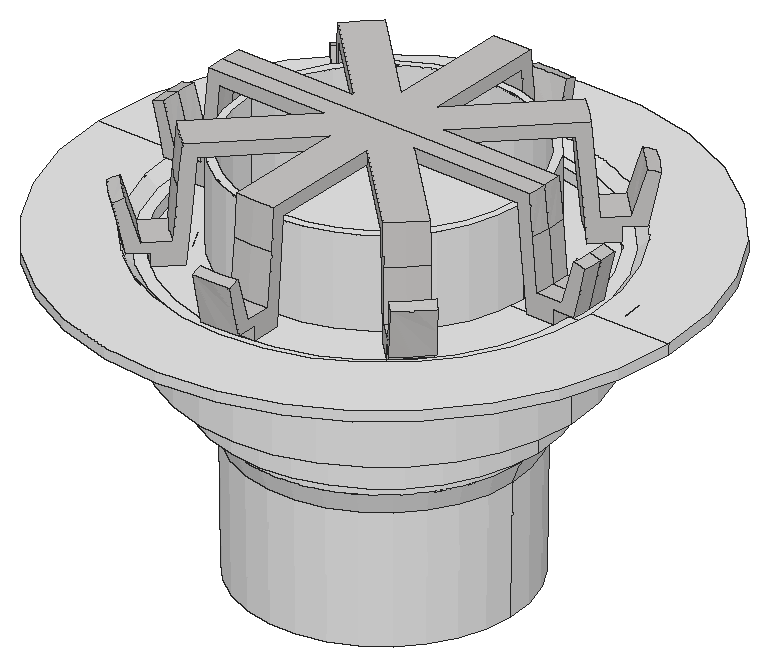
Revit family "Viking Roofspec Drain 06 M01", category Pipe Fittings, host Face, Revit 2021
Family settings
  Host = Face
  Round Connector Dimension = Use Diameter
  Part Type = Cap
  Cut with Voids When Loaded = No
  Shared = No
Parameters (values of type "Drains - Overflow - 100mm")
  URL = "www.vikingroofspec.co.nz"
  Type Comments = "Viking Roofspec 100mmØ clamped overflow drain SDM049 with 304 S/S domed grate, installed as per manufacturers instructions."
  Pipe Diameter = 100 mm
  Overall Cut Diameter = 230 mm
  Model = "SDM049"
  Material = Viking Roofspec - Plastic White
  Manufacturer = "Viking Roofspec"  # constant formula
  Grate Material = Viking Roofspec - Stainless Steel
  Flow Out = 5.09 L/s
  Default Elevation = 0 mm
  Cut Diameter = 185 mm
  Component = SDM049-050 : Overflow
Reference planes
  plane 1 "Center (Front/Back)": y = 0
  plane 2: z = 0
  plane 3 "Center (Left/Right)": x = 0
  plane 4 "Pipe Connector": z = -116.857
Forms (mm)
  Extrusion 1, void
    sketch origin (0, 0, 0) x (1, 0, 0) y (0, 1, 0)
      loop
        circle (0, 0) r 92.5
    from 0 to -120
  Extrusion 2, void
    sketch origin (0, 0, 0) x (1, 0, 0) y (0, 1, 0)
      loop
        circle (0, 0) r 115
    from -4 to 0
Dimensions and locks
  locked: host face to plane 4 "Pipe Connector" at 116.857
  "Cut Diameter": diameter of Extrusion 1 sketch curve
  "Overall Cut Diameter": diameter of Extrusion 2 sketch curve
  aligned and locked: plane 2 to host face
  aligned and locked: level to host face
Automatic sketch dimensions
  host sketch curve to host sketch curve = 2438.4 mm  (x2)
  plane 1 "Center (Front/Back)" to Extrusion 1 sketch curve = 0 mm
  Extrusion 1 sketch curve to plane 3 "Center (Left/Right)" = 0 mm
  plane 1 "Center (Front/Back)" to Extrusion 2 sketch curve = 0 mm
  Extrusion 2 sketch curve to plane 3 "Center (Left/Right)" = 0 mm
Nested families
  nested 1: "SDM049-050" at (0, 0, 0), type <- "Component", Grate Material <- "Grate Material", Material <- "Material", type "Overflow"
Connectors
  piping at (0, 0, -116.857), diameter 100, driven by "Pipe Diameter", driven by "Flow Out"
    settings: index 3, connector inside diameter 609.6 mm, connector length 0 mm, flow factor 0, pipe flow 5.09 L/s, pressure drop 0.0 Pa, fitting loss kfactor 0, connector angle 0.00°, fixture units 0, engagement length 0 mm, angle of deflection 0.00°, flow configuration 1, flow direction 2, fitting loss method 4, system type 16, joint type 0, gender type 0, connector reference index -1, connector utility 0, adjustable connector no, is connector primary yes, connector description "Drain/Overflow"
Definition of nested family "SDM049-050"
  Parameters (values of type "Overflow")
    Not Flat Grate = not(Flat Grate)  # yes
    Material [instance] = none
    Has Overflow = yes
    Grate Material [instance] = none
    Default Elevation = 1219.2 mm
    Flat Grate = no
  Types (3, lengths in mm): name | Not Flat Grate | Has Overflow | Flat Grate
    Deck Drain | no | no | yes
    Drain | yes | no | no
    Overflow | yes | yes | no
  Reference planes
    plane 1 "Center (Front/Back)": y = 0
    plane 2: z = 0
    plane 3 "Center (Left/Right)": x = 0
  Forms (mm)
    Revolve 1, solid, material <- "Material"
      sketch origin (0, 0, 0.65) x (1, 0, 0) y (0, 0, 1)
        loop
          line (-89.864, -4.65) -> (-78.07, -17.298) -> (-78.07, -23.78) -> (-75.75, -23.78) -> (-75.75, -43.15) -> (-62.75, -43.15) -> (-62.75, -58.169) -> (-55.2, -60.077) -> (-55.2, -64.697) -> (-51.992, -72.76) -> (-51.354, -121.507) -> (0, -121.507) -> (0, -9) -> (-75.5, -9) -> (-83.85, -0.65) -> (-115, -0.65) -> (-115, -4.65) -> (-89.864, -4.65)
        axis (0, -0.65) -> (0, -121.507)
      angle from 0 to 360
    Revolve 2, solid, material <- "Material"
      sketch origin (0, 0, -4) x (1, 0, 0) y (0, 0, 1)
        loop
          line (60.75, -5) -> (60.75, -9) -> (75.5, -9) -> (84.5, 0) -> (75.25, 0) -> (75.25, -5) -> (60.75, -5)
        axis (0, 0) -> (0, -9)
      angle from 0 to 360
  Dimensions and locks
    aligned and locked: level to plane 2
  Nested families
    nested 1: "80mm Grate" at (0, 0, -4), Grate Material <- "Grate Material", visible <- "Not Flat Grate", type "80mm Grate"
      with Grate Material none
    nested 2: "80mm Flat Grate" at (0, 0, -4) x (0, 1, 0) z (0, 0, 1), Grate Material <- "Grate Material", visible <- "Flat Grate", type "80mm Flat Grate"
      with Grate Material none
    nested 3: "80mm Overflow" at (0, 0, -4), visible <- "Has Overflow", Material <- "Material", type "80mm Overflow"
      with Material none
  Definition of nested family "80mm Grate"
    Parameters (values of type "80mm drain")
      Grate Material [instance] = none
      Default Elevation = 1219.2 mm
    Reference planes
      plane 1 "Center (Front/Back)": y = 0
      plane 2: z = 0
      plane 3 "Center (Left/Right)": x = 0
    Forms (mm)
      Revolve 1, solid, material <- "Grate Material"
        sketch origin (0, 0, 4.65) x (1, 0, 0) y (0, 0, 1)
          loop
            line (68.187, 4.525) -> (66.487, 24.065) -> (65.154, 39.402) -> (0, 39.402) -> (0, 34.408) -> (60.618, 34.408) -> (63.977, -4.397) -> (75.039, -4.397) -> (75.039, 0.839) -> (83.094, 0.839) -> (87.449, 19.74) -> (83.202, 21.041) -> (78.142, 4.52) -> (68.187, 4.525)
          axis (0, 39.402) -> (0, -4.397)
        angle from 0 to 360
      Extrusion 2, void
        sketch origin (300, 0, 0) x (1, 0, 0) y (0, 1, 0)
          loop
            line (-281.893, -7.5) -> (-213.553, -75.841) -> (-185.245, -7.5) -> (-281.893, -7.5)
          loop
            line (-281.893, 7.5) -> (-185.245, 7.5) -> (-213.553, 75.841) -> (-281.893, 7.5)
          loop
            line (-292.5, 18.107) -> (-224.159, 86.447) -> (-292.5, 114.755) -> (-292.5, 18.107)
          loop
            line (-307.5, 114.755) -> (-375.841, 86.447) -> (-307.5, 18.107) -> (-307.5, 114.755)
          loop
            line (-318.107, 7.5) -> (-386.447, 75.841) -> (-414.755, 7.5) -> (-318.107, 7.5)
          loop
            line (-318.107, -7.5) -> (-414.755, -7.5) -> (-386.447, -75.841) -> (-318.107, -7.5)
          loop
            line (-307.5, -18.107) -> (-375.841, -86.447) -> (-307.5, -114.755) -> (-307.5, -18.107)
          loop
            line (-292.5, -18.107) -> (-292.5, -114.755) -> (-224.159, -86.447) -> (-292.5, -18.107)
        from -14.819 to 68.3
    Cuts and joins
      Extrusion 2 cuts Revolve 1
    Dimensions and locks
      aligned and locked: level to plane 2
  Definition of nested family "80mm Flat Grate"
    Parameters (values of type "80mm Flat Grate")
      Grate Material [instance] = none
      Default Elevation = 1219.2 mm
    Reference planes
      plane 1 "Center (Front/Back)": y = 0
      plane 2: z = 0
      plane 3 "Center (Left/Right)": x = 0
    Forms (mm)
      Revolve 1, solid, material <- "Grate Material"
        sketch origin (0, 0, -0.65) x (1, 0, 0) y (0, 0, 1)
          loop
            line (0, -6.25) -> (72.5, -6.25) -> (74.25, -4.5) -> (75.25, -4.5) -> (75.25, 0) -> (0, 0) -> (0, -6.25)
          axis (0, 0) -> (0, -6.25)
        angle from 0 to 360
      Extrusion 2, void
        sketch origin (0, 0, 0) x (1, 0, 0) y (0, 1, 0)
          loop
            line (-52.166, 38.778) -> (-27.5, 24.537) -> (-27.5, 58.896)
            arc (-27.5, 58.896) -> (-41.083, 50.37) -> (-52.166, 38.778) r 65
          loop
            line (-12.5, 15.877) -> (0, 8.66) -> (12.5, 15.877) -> (12.5, 63.787)
            arc (12.5, 63.787) -> (0, 65) -> (-12.5, 63.787) r 65
            line (-12.5, 63.787) -> (-12.5, 15.877)
          loop
            arc (52.166, 38.778) -> (41.083, 50.37) -> (27.5, 58.896) r 65
            line (27.5, 58.896) -> (27.5, 24.537) -> (52.166, 38.778)
          loop
            line (59.666, 25.788) -> (35, 11.547) -> (64.756, -5.632)
            arc (64.756, -5.632) -> (64.164, 10.394) -> (59.666, 25.788) r 65
          loop
            line (20, 2.887) -> (7.5, -4.33) -> (7.5, -18.764) -> (48.991, -42.719)
            arc (48.991, -42.719) -> (56.292, -32.5) -> (61.491, -21.068) r 65
            line (61.491, -21.068) -> (20, 2.887)
          loop
            arc (7.5, -64.566) -> (23.08, -60.764) -> (37.256, -53.264) r 65
            line (37.256, -53.264) -> (7.5, -36.084) -> (7.5, -64.566)
          loop
            line (-7.5, -64.566) -> (-7.5, -36.084) -> (-37.256, -53.264)
            arc (-37.256, -53.264) -> (-23.08, -60.764) -> (-7.5, -64.566) r 65
          loop
            line (-7.5, -18.764) -> (-7.5, -4.33) -> (-20, 2.887) -> (-61.491, -21.068)
            arc (-61.491, -21.068) -> (-56.292, -32.5) -> (-48.991, -42.719) r 65
            line (-48.991, -42.719) -> (-7.5, -18.764)
          loop
            arc (-59.666, 25.788) -> (-64.164, 10.394) -> (-64.756, -5.632) r 65
            line (-64.756, -5.632) -> (-35, 11.547) -> (-59.666, 25.788)
        from -20 to 20
    Cuts and joins
      Extrusion 2 cuts Revolve 1
    Dimensions and locks
      aligned and locked: level to plane 2
  Definition of nested family "80mm Overflow"
    Parameters (values of type "80mm Overflow")
      Material [instance] = none
      Default Elevation = 1219.2 mm
    Reference planes
      plane 1 "Center (Front/Back)": y = 0
      plane 2: z = 0
      plane 3 "Center (Left/Right)": x = 0
    Forms (mm)
      Extrusion 1, solid, material <- "Material"
        sketch origin (0, 0, 0) x (1, 0, 0) y (0, 1, 0)
          loop
            circle (0, 0) r 56.5
          loop
            circle (0, 0) r 53.5
        from 0 to 34.563
    Dimensions and locks
      aligned and locked: level to plane 2
